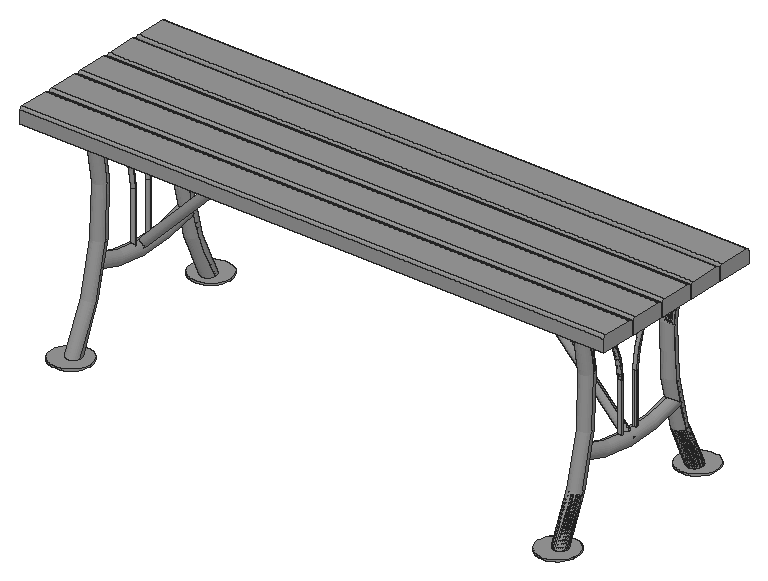
Revit family "Банкетка стальная «Бриз» Арт 7132", category Антураж, Revit 2018
Family settings
  На основе рабочей плоскости = Нет
  Всегда вертикально = Да
  При загрузке вырезать с полостями = Нет
  Источник визуального образа = Геометрия семейства
  Общий = Нет
  Точка расчета площади = Нет
Parameters (values of type "Версия 1,2 м")
  Ширина основания = 440 mm  # constant formula
  Ширина = 370 mm  # constant formula
  Цвет сидения = Дерево
  Цвет опоры = Сталь
  Средняя опора = or([Версия 2,0 м (3 опоры)], [Версия 2,5 м (3 опоры)], [Версия 3,0 м (3 опоры)])  # no
  Описание = if([Версия 0,6 м (кресло)], "Банкетка стальная «Бриз». Версия 0,6 м (кресло)", if([Версия 1,2 м], "Банкетка стальная «Бриз». Версия 1,2 м", if([Версия 1,5 м], "Банкетка стальная «Бриз». Версия 1,5 м", if([Версия 1,8 м], "Банкетка стальная «Бриз». Версия 1,8 м", if([Версия 2,0 м (2 опоры)], "Банкетка стальная «Бриз». Версия 2,0 м (2 опоры)", if([Версия 2,0 м (3 опоры)], "Банкетка стальная «Бриз». Версия 2,0 м (3 опоры)", if([Версия 2,5 м (3 опоры)], "Банкетка стальная «Бриз». Версия 2,5 м (3 опоры)", "Банкетка стальная «Бриз». Версия 3,0 м (3 опоры)")))))))  # "Банкетка стальная «Бриз». Версия 1,2 м"
  Материал изделия = "Сталь, дерево"  # constant formula
  Изображение типоразмера = Банкетка стальная «Бриз» Арт 7132.jpg
  Изготовитель = "ООО «Хоббика»"  # constant formula
  Длина = if([Версия 0,6 м (кресло)], 600 mm, if([Версия 1,2 м], 1200 mm, if([Версия 1,5 м], 1500 mm, if([Версия 1,8 м], 1800 mm, if([Версия 2,0 м (2 опоры)], 2000 mm, if([Версия 2,0 м (3 опоры)], 2000 mm, if([Версия 2,5 м (3 опоры)], 2500 mm, 3000 mm)))))))  # 1200 mm
  Группа модели = "Садовые скамейки"  # constant formula
  Высота = 430 mm  # constant formula
  Версия 3,0 м (3 опоры) = not(or([Версия 0,6 м (кресло)], [Версия 1,2 м], [Версия 1,5 м], [Версия 1,8 м], [Версия 2,0 м (2 опоры)], [Версия 2,0 м (3 опоры)], [Версия 2,5 м (3 опоры)]))  # no
  Версия 2,5 м (3 опоры) = no
  Версия 2,0 м (3 опоры) = no
  Версия 2,0 м (2 опоры) = no
  Версия 1,8 м = no
  Версия 1,5 м = no
  Версия 1,2 м = yes
  Версия 0,6 м (кресло) = no
  Боковые опоры (с опорой) = not([Версия 0,6 м (кресло)])  # yes
  Боковые опоры (без опоры) = not([Боковые опоры (с опорой)])  # no
  Артикул товара = "Арт. 7132"  # constant formula
  URL = "https://hobbyka.ru/product/skamia_bez_spinki_briz/"
Types (9, lengths in mm): name | Средняя опора | Описание | Длина | Версия 3,0 м (3 опоры) | Версия 2,5 м (3 опоры) | Версия 2,0 м (3 опоры) | Версия 2,0 м (2 опоры) | Версия 1,8 м | Версия 1,5 м | Версия 1,2 м | Версия 0,6 м (кресло) | Боковые опоры (с опорой) | Боковые опоры (без опоры)
  (no name) | no | "Банкетка стальная «Бриз». Версия 1,2 м" | 1200 | no | no | no | no | no | no | yes | no | yes | no
  Версия 0,6 м (кресло) | no | "Банкетка стальная «Бриз». Версия 0,6 м (кресло)" | 600 | no | no | no | no | no | no | no | yes | no | yes
  Версия 1,2 м | no | "Банкетка стальная «Бриз». Версия 1,2 м" | 1200 | no | no | no | no | no | no | yes | no | yes | no
  Версия 1,5 м | no | "Банкетка стальная «Бриз». Версия 1,5 м" | 1500 | no | no | no | no | no | yes | no | no | yes | no
  Версия 1,8 м | no | "Банкетка стальная «Бриз». Версия 1,8 м" | 1800 | no | no | no | no | yes | no | no | no | yes | no
  Версия 2,0 м (2 опоры) | no | "Банкетка стальная «Бриз». Версия 2,0 м (2 опоры)" | 2000 | no | no | no | yes | no | no | no | no | yes | no
  Версия 2,0 м (3 опоры) | yes | "Банкетка стальная «Бриз». Версия 2,0 м (3 опоры)" | 2000 | no | no | yes | no | no | no | no | no | yes | no
  Версия 2,5 м (3 опоры) | yes | "Банкетка стальная «Бриз». Версия 2,5 м (3 опоры)" | 2500 | no | yes | no | no | no | no | no | no | yes | no
  Версия 3,0 м (3 опоры) | yes | "Банкетка стальная «Бриз». Версия 3,0 м (3 опоры)" | 3000 | yes | no | no | no | no | no | no | no | yes | no
Reference planes
  plane 1 "По центру (Вперед/Назад)": y = 0
  plane 2: z = 0
  plane 3 "По центру (Влево/Вправо)": x = 0
  plane 4: x = 1200
  plane 5: x = 1100
  plane 6: x = 100
  plane 7: y = 370
  plane 8: y = 405
  plane 9: y = -35
  plane 10: z = 430
Forms (mm)
  Extrusion 1, solid, material "Дерево" <- "Цвет сидения"
    sketch origin (0, 0, 0) x (0, 1, 0) y (0, 0, 1)
      loop
        line (365, 430) -> (305, 430)
        arc (305, 430) -> (301.464, 428.536) -> (300, 425) r 5
        line (300, 425) -> (300, 400) -> (370, 400) -> (370, 425)
        arc (370, 425) -> (368.536, 428.536) -> (365, 430) r 5
      loop
        line (65, 430) -> (5, 430)
        arc (5, 430) -> (1.464, 428.536) -> (0, 425) r 5
        line (0, 425) -> (0, 400) -> (70, 400) -> (70, 425)
        arc (70, 425) -> (68.536, 428.536) -> (65, 430) r 5
      loop
        line (290, 430) -> (230, 430)
        arc (230, 430) -> (226.464, 428.536) -> (225, 425) r 5
        line (225, 425) -> (225, 400) -> (295, 400) -> (295, 425)
        arc (295, 425) -> (293.536, 428.536) -> (290, 430) r 5
      loop
        line (215, 430) -> (155, 430)
        arc (155, 430) -> (151.464, 428.536) -> (150, 425) r 5
        line (150, 425) -> (150, 400) -> (220, 400) -> (220, 425)
        arc (220, 425) -> (218.536, 428.536) -> (215, 430) r 5
      loop
        line (140, 430) -> (80, 430)
        arc (80, 430) -> (76.464, 428.536) -> (75, 425) r 5
        line (75, 425) -> (75, 400) -> (145, 400) -> (145, 425)
        arc (145, 425) -> (143.536, 428.536) -> (140, 430) r 5
    from 0 to 1200
Dimensions and locks
  locked: plane 3 "По центру (Влево/Вправо)" to plane 6 at 100
  locked: plane 5 to plane 4 at 100
  equal spacing: plane 6, nested 3, plane 5
  "Длина": plane 3 "По центру (Влево/Вправо)" to plane 4
  "Ширина": plane 7 to plane 1 "По центру (Вперед/Назад)"
  "Ширина основания": plane 8 to plane 9
  plane 8 to plane 7 = 35 mm
  plane 9 to plane 1 "По центру (Вперед/Назад)" = 35 mm
  "Высота": plane 10 to level
  aligned and locked: level to plane 2
  aligned and locked: plane 6 to nested 1
  aligned and locked: plane 5 to nested 2
  aligned and locked: nested 1 to plane 9
  aligned and locked: nested 3 to plane 9
  aligned and locked: Extrusion 1 to plane 3 "По центру (Влево/Вправо)"
  aligned and locked: plane 4 to Extrusion 1
  aligned and locked: plane 6 to nested 5
  aligned and locked: plane 5 to nested 4
Automatic sketch dimensions
  Extrusion 1 sketch curve to plane 1 "По центру (Вперед/Назад)" = 0 mm
  Extrusion 1 sketch curve to plane 10 = 0 mm  (x5)
  Extrusion 1 sketch curve to plane 7 = 0 mm
  Extrusion 1 sketch curve to plane 1 "По центру (Вперед/Назад)" = 5 mm
  Extrusion 1 sketch curve to Extrusion 1 sketch curve = 60 mm  (x4)
  Extrusion 1 sketch curve to Extrusion 1 sketch curve = 5 mm  (x6)
  Extrusion 1 sketch curve to plane 10 = 5 mm  (x6)
  Extrusion 1 sketch curve to plane 7 = 5 mm
  Extrusion 1 sketch curve to Extrusion 1 sketch curve = 25 mm  (x3)
  Extrusion 1 sketch curve to Extrusion 1 sketch curve = 0 mm  (x2)
Nested families
  nested 1: "Банкетка стальная «Бриз» Арт 7132 опора" at (100, -35, 0), visible <- "Боковые опоры (с опорой)", type "Боковая опора"
  nested 2: "Банкетка стальная «Бриз» Арт 7132 опора" at (1100, -35, 0) x (-1, 0, 0) z (0, 0, 1), visible <- "Боковые опоры (с опорой)", type "Боковая опора"
  nested 3: "Банкетка стальная «Бриз» Арт 7132 опора" at (600, -35, 0), visible <- "Средняя опора", type "Центральная опора"
  nested 4: "Банкетка стальная «Бриз» Арт 7132 опора" at (1100, -35, 0), type "Центральная опора"
  nested 5: "Банкетка стальная «Бриз» Арт 7132 опора" at (100, -35, 0), type "Центральная опора"
Definition of nested family "Банкетка стальная «Бриз» Арт 7132 опора"
  Parameters (values of type "Боковая опора")
    Центарильная опора = not(Боковая опора)  # no
    Цвет опоры = none
    Height = 0 mm
    Боковая опора = yes
  Types (2, lengths in mm): name | Центарильная опора | Боковая опора
    Боковая опора | no | yes
    Центральная опора | yes | no
  Reference planes
    plane 1 "По центру (Вперед/Назад)": y = 0
    plane 2: z = 0
    plane 3 "По центру (Влево/Вправо)": x = 0
    plane 4: y = 440
  Forms (mm)
    Sweep 1, solid, material <- "Цвет опоры"
      path origin (0, 518.84, 0) x (0, -1, 0) y (0, 0, 1)
        loop
          arc (489.398, 0) -> (421.601, 192.035) -> (433.84, 395.318) r 513.145
      profile origin (0, 97.239, 192.035) x (0, -0.990268, 0.139173) y (1, 0, 0)
        loop
          circle (-14, 0) r 14
    Sweep 2, solid, material <- "Цвет опоры"
      path origin (0, -25, -15) x (0, 1, 0) y (0, 0, 1)
        loop
          arc (359.825, 173.974) -> (245.022, 156.151) -> (131.554, 181.093) r 315.458
      profile origin (0, 220.022, 141.151) x (0, -0.03117, -0.999514) y (1, 0, 0)
        loop
          circle (14, 0) r 14
    Extrusion 3, solid, material <- "Цвет опоры"
      sketch origin (0, -58.378, 0) x (1, 0, 0) y (0, 1, 0)
        loop
          circle (0, 458.378) r 40
      from 0 to 3
    Extrusion 4, solid, material <- "Цвет опоры"
      sketch origin (0, -418.378, 0) x (1, 0, 0) y (0, 1, 0)
        loop
          circle (0, 458.378) r 40
      from 0 to 3
    Extrusion 5, void
      sketch origin (0, 0, 0) x (0, 1, 0) y (0, 0, 1)
        loop
          line (68.035, 0) -> (16.976, 0) -> (16.976, -28.741) -> (68.035, -28.741) -> (68.035, 0)
        loop
          line (416.051, 0) -> (358.476, 0) -> (358.476, -20) -> (416.051, -20) -> (416.051, 0)
        loop
          line (319.091, 400) -> (354.091, 400) -> (354.091, 410) -> (319.091, 410) -> (319.091, 400)
        loop
          line (79.825, 400) -> (124.235, 400) -> (124.235, 410) -> (79.825, 410) -> (79.825, 400)
      from -24.415 to 17.345
    Sweep 6, solid, material <- "Цвет опоры", visible <- "Боковая опора"
      path origin (0, 0, -12.5) x (1, 0, 0) y (0, 0, 1)
        loop
          line (0, 132.57) -> (272.307, 412.5)
      profile origin (136.154, 0, 260.035) x (-0.716799, 0, 0.69728) y (0, -1, 0)
        loop
          circle (8.5, -220) r 8.5
    Extrusion 7, solid, material <- "Цвет опоры"
      sketch origin (0, 0, 0) x (0, 1, 0) y (0, 0, 1)
        loop
          line (390, 400) -> (50, 400) -> (50, 395.318) -> (390, 395.318) -> (390, 400)
      from -15 to 15
    Sweep 8, solid, material <- "Цвет опоры"
      path origin (0, -88.84, 0) x (0, 1, 0) y (0, 0, 1)
        loop
          arc (499.398, 0) -> (431.601, 192.035) -> (443.84, 395.318) r 513.145
      profile origin (0, 342.761, 192.035) x (0, -0.990268, -0.139173) y (1, 0, 0)
        loop
          circle (14, 0) r 14
    Sweep 9, solid, material <- "Цвет опоры"
      path origin (0, 0, 0) x (0, 1, 0) y (0, 0, 1)
        loop
          arc (325, 395.318) -> (260.533, 332.122) -> (235, 245.533) r 179.426
          line (235, 245.533) -> (235, 128.46)
      profile origin (0, 235, 186.997) x (1, 0, 0) y (0, 1, 0)
        loop
          circle (0, 4) r 4
    Sweep 10, solid, material <- "Цвет опоры"
      path origin (0, 440, 0) x (0, -1, 0) y (0, 0, 1)
        loop
          arc (325, 395.318) -> (260.533, 332.122) -> (235, 245.533) r 179.426
          line (235, 245.533) -> (235, 128.46)
      profile origin (0, 205, 186.997) x (1, 0, 0) y (0, 1, 0)
        loop
          circle (0, -4) r 4
  Cuts and joins
    Extrusion 5 cuts Extrusion 4
    Extrusion 5 cuts Sweep 1
    Extrusion 5 cuts Sweep 8
  Dimensions and locks
    plane 4 to plane 1 "По центру (Вперед/Назад)" = 440 mm
    Sweep 1 sketch curve to plane 1 "По центру (Вперед/Назад)" = 85 mm
    aligned and locked: level to plane 2
